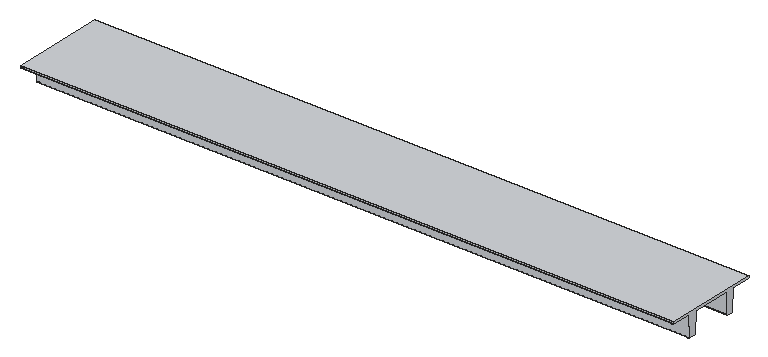
Revit family "Ribbeelement - TT", category Structural Framing, Revit 2019
Family settings
  Section Shape = Not Defined
  Material for Model Behavior = Other
  Always export as geometry = No
  OmniClass Number = 23.25.30.11.14.14
  OmniClass Title = Beams
  Always vertical = Yes
  Cut with Voids When Loaded = No
  Symbolic Representation = From Family
  Shared = No
  Show family pre-cut in plan views = Yes
Parameters (values of type "TT 60")
  Show Sweep TTD102 = and(Tværsnit TTD, Højde Standard > 900 mm)  # no
  Show Sweep TTD = and(Tværsnit TTD, not(Højde Standard > 900 mm))  # no
  Show Sweep TT = Tværsnit TT  # yes
  Ribbe CC Afstand = if(Tværsnit TT, if(Højde Standard < 760 mm, 1194 mm, 1210 mm), if(Højde Standard < 500 mm, 1214 mm, if(Højde Standard < 600 mm, 1224 mm, if(Højde Standard < 760 mm, 1234 mm, 1250 mm))))  # 1194 mm
  Pladetykkelse Standard = 60 mm  # constant formula
  Pladetykkelse = 60 mm
  Pladebredde 2 = 1196 mm
  Pladebredde 1 = 1196 mm
  Model = if(Tværsnit TT, "TT", "TTD")  # "TT"
  Tværsnit TTD = not(Tværsnit TT)  # no
  Tværsnit TT = yes
  Højde Standard = 600 mm
  Bredde = Pladebredde 1 + Pladebredde 2  # 2392 mm
  Structural Material [instance] = (empty or 0)
  Manufacturer = "CRH Concrete"  # constant formula
  Length [instance] = 17200 mm
  Højde = Højde Standard - Pladetykkelse Standard + Pladetykkelse  # 600 mm
  CRH_RFA_TimeStamp_LastRelease = 20191107  # constant formula
Types (12, lengths in mm): name | Show Sweep TTD102 | Show Sweep TTD | Show Sweep TT | Ribbe CC Afstand | Model | Tværsnit TTD | Tværsnit TT | Højde Standard | Length | Højde
  (no name) | no | no | yes | 1194 | "TT" | no | yes | 600 | 10000 | 600
  TTD 102 | yes | no | no | 1250 | "TTD" | yes | no | 1020 | 10000 | 1020
  TT 30 | no | no | yes | 1194 | "TT" | no | yes | 300 | 10000 | 300
  TT 40 | no | no | yes | 1194 | "TT" | no | yes | 400 | 10000 | 400
  TT 50 | no | no | yes | 1194 | "TT" | no | yes | 500 | 10000 | 500
  TT 60 | no | no | yes | 1194 | "TT" | no | yes | 600 | 17200 | 600
  TT 76 | no | no | yes | 1210 | "TT" | no | yes | 760 | 10000 | 760
  TTD 40 | no | yes | no | 1214 | "TTD" | yes | no | 400 | 10000 | 400
  TTD 50 | no | yes | no | 1224 | "TTD" | yes | no | 500 | 10000 | 500
  TTD 60 | no | yes | no | 1234 | "TTD" | yes | no | 600 | 10000 | 600
  TTD 76 | no | yes | no | 1250 | "TTD" | yes | no | 760 | 10000 | 760
  TTD 90 | no | yes | no | 1250 | "TTD" | yes | no | 900 | 10000 | 900
Reference planes
  plane 1 "Center (Front/Back)": y = 0
  plane 2 "Center Elevation": z = 0
  plane 3 "Center (Left/Right)": x = 0
  plane 4 "Left": x = -8600
  plane 5 "Member Left": x = -8350
  plane 6 "Stick Symbol Left": x = -8100
  plane 7 "Right": x = 8600
  plane 8 "Member Right": x = 8350
  plane 9 "Stick Symbol Right": x = 8100
  plane 10: y = 597
  plane 11: y = -597
Forms (mm)
  Sweep 1, solid, visible <- "Show Sweep TTD102"
    path origin (0, 0, 0) x (1, 0, 0) y (0, 1, 0)
      loop
        line (-8350, 0) -> (8350, 0)
    profile "Profile-TTD102 : Profile-TTD102" origin (0, 0, 0) x (0, 1, 0) y (0, 0, 1)
      loop
        line (-1196, 0) -> (-1196, -50) -> (-1186, -60) -> (-753.017, -60) -> (-733.517, -450)
        arc (-733.517, -450) -> (-723.424, -453.612) -> (-718.835, -463.301) r 14.017
        line (-718.835, -463.301) -> (-712.526, -589.474) -> (-702, -600) -> (-532, -600) -> (-521.474, -589.474) -> (-515.165, -463.301)
        arc (-515.165, -463.301) -> (-510.576, -453.612) -> (-500.483, -450) r 14.017
        line (-500.483, -450) -> (-480.983, -60) -> (480.983, -60) -> (500.483, -450)
        arc (500.483, -450) -> (510.576, -453.612) -> (515.165, -463.301) r 14.017
        line (515.165, -463.301) -> (521.474, -589.474) -> (532, -600) -> (702, -600) -> (712.526, -589.474) -> (718.835, -463.301)
        arc (718.835, -463.301) -> (723.424, -453.612) -> (733.517, -450) r 14.018
        line (733.517, -450) -> (753.017, -60) -> (1186, -60) -> (1196, -50) -> (1196, 0) -> (-1196, 0)
  Sweep 2, solid, visible <- "Show Sweep TTD"
    path origin (0, 0, 0) x (1, 0, 0) y (0, 1, 0)
      loop
        line (-8350, 0) -> (8350, 0)
    profile "Profile-TTD : Profile-TTD" origin (0, 0, 0) x (0, 1, 0) y (0, 0, 1)
      loop
        line (-1196, 0) -> (-1196, -50) -> (-1186, -60) -> (-739, -60) -> (-712.526, -589.474) -> (-702, -600) -> (-532, -600) -> (-521.474, -589.474) -> (-495, -60) -> (495, -60) -> (521.474, -589.474) -> (532, -600) -> (702, -600) -> (712.526, -589.474) -> (739, -60) -> (1186, -60) -> (1196, -50) -> (1196, 0) -> (-1196, 0)
  Sweep 3, solid, visible <- "Show Sweep TT"
    path origin (0, 0, 0) x (1, 0, 0) y (0, 1, 0)
      loop
        line (-8350, 0) -> (8350, 0)
    profile "Profile-TT : Profile-TT" origin (0, 0, 0) x (0, 1, 0) y (0, 0, 1)
      loop
        line (-1196, 0) -> (-1196, -50) -> (-1186, -60) -> (-699, -60) -> (-672.526, -589.474) -> (-662, -600) -> (-532, -600) -> (-521.474, -589.474) -> (-495, -60) -> (495, -60) -> (521.474, -589.474) -> (532, -600) -> (662, -600) -> (672.526, -589.474) -> (699, -60) -> (1186, -60) -> (1196, -50) -> (1196, 0) -> (-1196, 0)
Lines and regions (mm)
  model lines, style "Stick Symbols", not visible, detail levels coarse
    curve 1: line (-8100, 0, 0) -> (8100, 0, 0)
Dimensions and locks
  equal spacing: plane 4 "Left", plane 3 "Center (Left/Right)", plane 7 "Right"
  "Length": plane 4 "Left" to plane 7 "Right"
  equal spacing: plane 10, plane 1 "Center (Front/Back)", plane 11
  "Ribbe CC Afstand": plane 10 to plane 11
  aligned and locked: plane 1 "Center (Front/Back)" to curve 1
  aligned and locked: plane 6 "Stick Symbol Left" to curve 1
  aligned and locked: plane 9 "Stick Symbol Right" to curve 1
  aligned and locked: plane 2 "Center Elevation" to level
  aligned and locked: plane 1 "Center (Front/Back)" to Sweep 1 sketch curve
  aligned and locked: plane 5 "Member Left" to Sweep 1 sketch curve
  aligned and locked: plane 8 "Member Right" to Sweep 1 sketch curve
  aligned and locked: plane 8 "Member Right" to Sweep 2 sketch curve
  aligned and locked: plane 5 "Member Left" to Sweep 2 sketch curve
  aligned and locked: plane 1 "Center (Front/Back)" to Sweep 2 sketch curve
  aligned and locked: plane 8 "Member Right" to Sweep 3 sketch curve
  aligned and locked: plane 5 "Member Left" to Sweep 3 sketch curve
  aligned and locked: plane 1 "Center (Front/Back)" to Sweep 3 sketch curve
